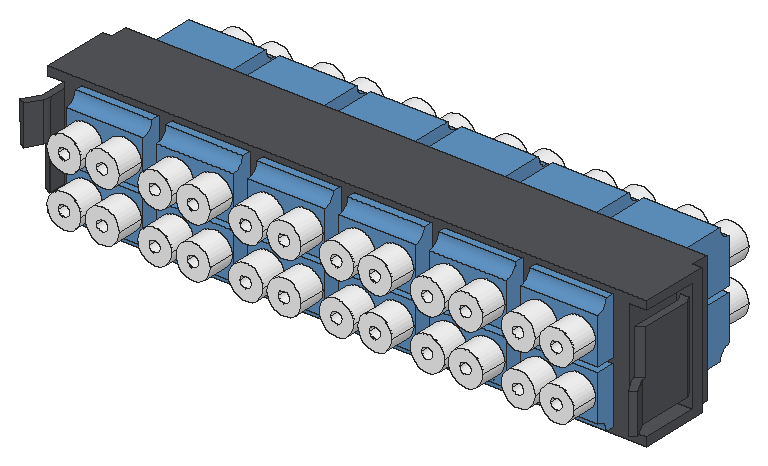
Revit family "LC Duplex 24 fibers", category Installations électriques, Revit 2020
Family settings
  Conserver l'orientation des annotations = Non
  Cote de connecteur circulaire = Utiliser le diamètre
  Type d'élément = Normal
  Basée sur le plan de construction = Non
  Toujours verticalement = Oui
  Couper avec des vides une fois chargée = Non
  Partagée = Non
  Point de calcul de pièce = Non
Parameters (values of type "LC Duplex block 24 fibers single mode")
  Width of the connectors = 13.5 mm
  Width (mm) = 108.8 mm
  Type of connector interior = "LC_DUPLEX"
  Type of connector external = "LC_DUPLEX"
  Storage temperature = "-10°C à 60°C"
  RAL Number = "9017"
  Operating temperature = "-10°C à 60°C"
  Opening width = 6 mm
  Opening height = 1 mm
  Number of connectors = 24
  Legrand part number = "032115"
  IP = "IP20"
  IK = "IK04"
  Height of the connectors = 10 mm
  Height = 23 mm
  Function = "Patch panels with optical connector Legrand"
  Fiber optic type = "Single mode"
  Elévation par défaut = 0 mm
  ETIM class = "EC001130"
  EAN = "3414970961754"
  E-catalogue link = "https://www.legrand.fr/reference/032115/pro"
  Depth = 38.4 mm
  Colour of the connectors = IDS_BLEU
  Color = IDS_NOIR
  BIM wording = "LC Duplex block 24 fibers single mode"
Types (2, lengths in mm): name | Legrand part number | Fiber optic type | EAN | E-catalogue link | Colour of the connectors | BIM wording
  LC Duplex block 24 fibers single mode | "032115" | "Single mode" | "3414970961754" | "https://www.legrand.fr/reference/032115/pro" | IDS_BLEU | "LC Duplex block 24 fibers single mode"
  LC Duplex block 24 fibers multimode | "032125" | "Multimode" | "3414970961891" | "https://www.legrand.fr/reference/032125/pro" | IDS_JAUNE | "LC Duplex block 24 fibers multimode"
Reference planes
  plane 1 "Centre (avant/arrière)": y = 0
  plane 2: z = 0
  plane 3 "Centre (gauche/droite)": x = 0
  plane 4 "Clip bas": z = 4
  plane 5 "Clip haut": z = 19
  plane 6: x = 105.5
  plane 7: x = 52.75
  plane 8: through (0.797, -2.504, 1200) normal (-0.866, 0.5, 0)
  plane 9: z = 1
  plane 10: z = 11
  plane 11: z = 12
  plane 12: z = 22
  plane 13: x = 6
  plane 14: x = 19.5
  plane 15: z = 23
  plane 16: x = 22
  plane 17: x = 35.5
  plane 18: x = 38
  plane 19: x = 51.5
  plane 20: x = 54
  plane 21: x = 67.5
  plane 22: x = 70
  plane 23: x = 83.5
  plane 24: x = 86
  plane 25: x = 99.5
  plane 26: y = -3.5
  plane 27: y = 25.5
  plane 28: z = 16
  plane 29: x = 12.75
  plane 30: x = 9.375
  plane 31: x = 16.125
  plane 32: z = 7
  plane 33: y = 11
  plane 34: z = 16
  plane 35: x = 28.75
  plane 36: x = 25.375
  plane 37: x = 32.125
  plane 38: z = 7
  plane 39: z = 16
  plane 40: x = 44.75
  plane 41: x = 41.375
  plane 42: x = 48.125
  plane 43: z = 7
  plane 44: z = 16
  plane 45: x = 60.75
  plane 46: x = 57.375
  plane 47: x = 64.125
  plane 48: z = 7
  plane 49: z = 16
  plane 50: x = 76.75
  plane 51: x = 73.375
  plane 52: x = 80.125
  plane 53: z = 7
  plane 54: z = 16
  plane 55: x = 92.75
  plane 56: x = 89.375
  plane 57: x = 96.125
  plane 58: z = 7
  plane 59: z = 16
  plane 60: x = 12.75
  plane 61: x = 9.375
  plane 62: x = 16.125
  plane 63: z = 7
  plane 64: z = 16
  plane 65: x = 28.75
  plane 66: x = 25.375
  plane 67: x = 32.125
  plane 68: z = 7
  plane 69: z = 16
  plane 70: x = 44.75
  plane 71: x = 41.375
  plane 72: x = 48.125
  plane 73: z = 7
  plane 74: z = 16
  plane 75: x = 60.75
  plane 76: x = 57.375
  plane 77: x = 64.125
  plane 78: z = 7
  plane 79: z = 16
  plane 80: x = 76.75
  plane 81: x = 73.375
  plane 82: x = 80.125
  plane 83: z = 7
  plane 84: z = 16
  plane 85: x = 92.75
  plane 86: x = 89.375
  plane 87: x = 96.125
  plane 88: z = 7
Forms (mm)
  Extrusion 1, solid, material "IDS_NOIR"
    sketch origin (0, 0, 0) x (1, 0, 0) y (0, 1, 0)
      loop
        line (0, 0) -> (105.5, 0) -> (105.5, 12) -> (103.9, 12) -> (103.9, 15) -> (1.6, 15) -> (1.6, 12) -> (0, 12) -> (0, 0)
    from 0 to 23
  Extrusion 2, void
    sketch origin (0, 0, 0) x (-1, 0, 0) y (0, 0, 1)
      loop
        line (0, 21.5) -> (-3, 21.5) -> (-3, 1.5) -> (0, 1.5) -> (0, 21.5)
      loop
        line (-105.5, 21.5) -> (-105.5, 1.5) -> (-102.5, 1.5) -> (-102.5, 21.5) -> (-105.5, 21.5)
    from 0 to 10
  Extrusion 3, solid, material "IDS_NOIR"
    sketch origin (0, 25.162, 4) x (0, 1, 0) y (-1, 0, 0)
      loop
        line (-29.912, 0.5) -> (-27.374, -0.965)
        arc (-27.374, -0.965) -> (-26.771, -1.215) -> (-26.124, -1.3) r 2.5
        line (-26.124, -1.3) -> (-16.662, -1.3) -> (-15.162, -2.166) -> (-15.162, -0.665) -> (-16.313, 0) -> (-26.446, 0) -> (-29.262, 1.626) -> (-29.912, 0.5)
      loop
        line (-29.912, -106) -> (-29.262, -107.126) -> (-26.446, -105.5) -> (-16.313, -105.5) -> (-15.162, -104.835) -> (-15.162, -103.334) -> (-16.662, -104.2) -> (-26.124, -104.2)
        arc (-26.124, -104.2) -> (-26.771, -104.285) -> (-27.374, -104.535) r 2.5
        line (-27.374, -104.535) -> (-29.912, -106)
    from 0 to 15
  Extrusion 4, void
    sketch origin (0.797, -2.504, 1200) x (0.5, 0.866025, 0) y (0, 0, 1)
      loop
        line (-2.593, -1196) -> (1.407, -1196) -> (1.407, -1188) -> (-2.593, -1188) -> (-2.593, -1196)
    from 0 to -2.615
  Extrusion 5, void
    sketch origin (104.703, -2.504, 1200) x (-0.5, 0.866025, 0) y (0, 0, -1)
      loop
        line (-2.593, 1181) -> (1.407, 1181) -> (1.407, 1189) -> (-2.593, 1189) -> (-2.593, 1181)
    from 0 to -2.615
  Extrusion 6, void
    sketch origin (2.941, 0, 0) x (-1, 0, 0) y (0, 0, 1)
      loop
        line (-3.059, 11) -> (-16.559, 11) -> (-16.559, 1) -> (-3.059, 1) -> (-3.059, 11)
      loop
        line (-19.059, 1) -> (-19.059, 11) -> (-32.559, 11) -> (-32.559, 1) -> (-19.059, 1)
      loop
        line (-35.059, 11) -> (-48.559, 11) -> (-48.559, 1) -> (-35.059, 1) -> (-35.059, 11)
      loop
        line (-51.059, 1) -> (-51.059, 11) -> (-64.559, 11) -> (-64.559, 1) -> (-51.059, 1)
      loop
        line (-67.059, 1) -> (-67.059, 11) -> (-80.559, 11) -> (-80.559, 1) -> (-67.059, 1)
      loop
        line (-83.059, 1) -> (-83.059, 11) -> (-96.559, 11) -> (-96.559, 1) -> (-83.059, 1)
    from 0 to 15
  Extrusion 7, void
    sketch origin (0, 0, 0) x (-1, 0, 0) y (0, 0, 1)
      loop
        line (-6, 12) -> (-6, 22) -> (-19.5, 22) -> (-19.5, 12) -> (-6, 12)
      loop
        line (-22, 12) -> (-22, 22) -> (-35.5, 22) -> (-35.5, 12) -> (-22, 12)
      loop
        line (-38, 22) -> (-51.5, 22) -> (-51.5, 12) -> (-38, 12) -> (-38, 22)
      loop
        line (-54, 12) -> (-54, 22) -> (-67.5, 22) -> (-67.5, 12) -> (-54, 12)
      loop
        line (-70, 12) -> (-70, 22) -> (-83.5, 22) -> (-83.5, 12) -> (-70, 12)
      loop
        line (-86, 12) -> (-86, 22) -> (-99.5, 22) -> (-99.5, 12) -> (-86, 12)
    from 0 to 15
  Extrusion 8, solid, material "IDS_BLEU" <- "Colour of the connectors"
    sketch origin (3.167, -3.5, 1200) x (-1, 0, 0) y (0, 0, 1)
      loop
        line (-16.333, -1199) -> (-2.833, -1199) -> (-2.833, -1189) -> (-16.333, -1189) -> (-16.333, -1199)
      loop
        line (-16.333, -1188) -> (-2.833, -1188) -> (-2.833, -1178) -> (-16.333, -1178) -> (-16.333, -1188)
      loop
        line (-18.833, -1188) -> (-18.833, -1178) -> (-32.333, -1178) -> (-32.333, -1188) -> (-18.833, -1188)
      loop
        line (-18.833, -1189) -> (-32.333, -1189) -> (-32.333, -1199) -> (-18.833, -1199) -> (-18.833, -1189)
      loop
        line (-34.833, -1199) -> (-34.833, -1189) -> (-48.333, -1189) -> (-48.333, -1199) -> (-34.833, -1199)
      loop
        line (-48.333, -1188) -> (-34.833, -1188) -> (-34.833, -1178) -> (-48.333, -1178) -> (-48.333, -1188)
      loop
        line (-50.833, -1188) -> (-50.833, -1178) -> (-64.333, -1178) -> (-64.333, -1188) -> (-50.833, -1188)
      loop
        line (-50.833, -1189) -> (-64.333, -1189) -> (-64.333, -1199) -> (-50.833, -1199) -> (-50.833, -1189)
      loop
        line (-66.833, -1199) -> (-66.833, -1189) -> (-80.333, -1189) -> (-80.333, -1199) -> (-66.833, -1199)
      loop
        line (-80.333, -1188) -> (-66.833, -1188) -> (-66.833, -1178) -> (-80.333, -1178) -> (-80.333, -1188)
      loop
        line (-82.833, -1188) -> (-82.833, -1178) -> (-96.333, -1178) -> (-96.333, -1188) -> (-82.833, -1188)
      loop
        line (-82.833, -1189) -> (-96.333, -1189) -> (-96.333, -1199) -> (-82.833, -1199) -> (-82.833, -1189)
    from 0 to 29
  Extrusion 9, void
    sketch origin (6, -1524, 1.878) x (0, 0, 1) y (0, -1, 0)
      loop
        line (-0.878, -1520.5) -> (-0.878, -1522.5)
        arc (-0.878, -1522.5) -> (0.536, -1521.914) -> (1.122, -1520.5) r 2
        line (1.122, -1520.5) -> (-0.878, -1520.5)
      loop
        line (20.122, -1522.5) -> (20.122, -1520.5) -> (18.122, -1520.5)
        arc (18.122, -1520.5) -> (18.707, -1521.914) -> (20.122, -1522.5) r 2
      loop
        line (18.122, -1549.5) -> (20.122, -1549.5) -> (20.122, -1547.5)
        arc (20.122, -1547.5) -> (18.707, -1548.086) -> (18.122, -1549.5) r 2
      loop
        line (-0.878, -1549.5) -> (1.122, -1549.5)
        arc (1.122, -1549.5) -> (0.536, -1548.086) -> (-0.878, -1547.5) r 2
        line (-0.878, -1547.5) -> (-0.878, -1549.5)
    from 0 to 93.5
  Extrusion 10, solid, material "IDS_BLANC"
    sketch origin (3.167, -3.5, 1200) x (-1, 0, 0) y (0, 0, 1)
      loop
        circle (-6.208, -1184) r 3
      loop
        circle (-6.208, -1184) r 1
      loop
        circle (-12.958, -1184) r 3
      loop
        circle (-12.958, -1184) r 1
      loop
        circle (-6.208, -1193) r 3
      loop
        circle (-6.208, -1193) r 1
      loop
        circle (-12.958, -1193) r 3
      loop
        circle (-12.958, -1193) r 1
    from 0 to -4.7
  Extrusion 11, solid, material "IDS_BLANC"
    sketch origin (19.167, -3.5, 1200) x (-1, 0, 0) y (0, 0, 1)
      loop
        circle (-6.208, -1184) r 3
      loop
        circle (-6.208, -1184) r 1
      loop
        circle (-12.958, -1184) r 3
      loop
        circle (-12.958, -1184) r 1
      loop
        circle (-6.208, -1193) r 3
      loop
        circle (-6.208, -1193) r 1
      loop
        circle (-12.958, -1193) r 3
      loop
        circle (-12.958, -1193) r 1
    from 0 to -4.7
  Extrusion 12, solid, material "IDS_BLANC"
    sketch origin (35.167, -3.5, 1200) x (-1, 0, 0) y (0, 0, 1)
      loop
        circle (-6.208, -1184) r 3
      loop
        circle (-6.208, -1184) r 1
      loop
        circle (-12.958, -1184) r 3
      loop
        circle (-12.958, -1184) r 1
      loop
        circle (-6.208, -1193) r 3
      loop
        circle (-6.208, -1193) r 1
      loop
        circle (-12.958, -1193) r 3
      loop
        circle (-12.958, -1193) r 1
    from 0 to -4.7
  Extrusion 13, solid, material "IDS_BLANC"
    sketch origin (51.167, -3.5, 1200) x (-1, 0, 0) y (0, 0, 1)
      loop
        circle (-6.208, -1184) r 3
      loop
        circle (-6.208, -1184) r 1
      loop
        circle (-12.958, -1184) r 3
      loop
        circle (-12.958, -1184) r 1
      loop
        circle (-6.208, -1193) r 3
      loop
        circle (-6.208, -1193) r 1
      loop
        circle (-12.958, -1193) r 3
      loop
        circle (-12.958, -1193) r 1
    from 0 to -4.7
  Extrusion 14, solid, material "IDS_BLANC"
    sketch origin (67.167, -3.5, 1200) x (-1, 0, 0) y (0, 0, 1)
      loop
        circle (-6.208, -1184) r 3
      loop
        circle (-6.208, -1184) r 1
      loop
        circle (-12.958, -1184) r 3
      loop
        circle (-12.958, -1184) r 1
      loop
        circle (-6.208, -1193) r 3
      loop
        circle (-6.208, -1193) r 1
      loop
        circle (-12.958, -1193) r 3
      loop
        circle (-12.958, -1193) r 1
    from 0 to -4.7
  Extrusion 15, solid, material "IDS_BLANC"
    sketch origin (83.167, -3.5, 1200) x (-1, 0, 0) y (0, 0, 1)
      loop
        circle (-6.208, -1184) r 3
      loop
        circle (-6.208, -1184) r 1
      loop
        circle (-12.958, -1184) r 3
      loop
        circle (-12.958, -1184) r 1
      loop
        circle (-6.208, -1193) r 3
      loop
        circle (-6.208, -1193) r 1
      loop
        circle (-12.958, -1193) r 3
      loop
        circle (-12.958, -1193) r 1
    from 0 to -4.7
  Extrusion 16, solid, material "IDS_BLANC"
    sketch origin (3.167, 25.5, 1200) x (-1, 0, 0) y (0, 0, -1)
      loop
        circle (-6.208, 1184) r 3
      loop
        circle (-6.208, 1184) r 1
      loop
        circle (-12.958, 1184) r 3
      loop
        circle (-12.958, 1184) r 1
      loop
        circle (-6.208, 1193) r 3
      loop
        circle (-6.208, 1193) r 1
      loop
        circle (-12.958, 1193) r 3
      loop
        circle (-12.958, 1193) r 1
    from 0 to -4.7
  Extrusion 17, solid, material "IDS_BLANC"
    sketch origin (19.167, 25.5, 1200) x (-1, 0, 0) y (0, 0, -1)
      loop
        circle (-6.208, 1184) r 3
      loop
        circle (-6.208, 1184) r 1
      loop
        circle (-12.958, 1184) r 3
      loop
        circle (-12.958, 1184) r 1
      loop
        circle (-6.208, 1193) r 3
      loop
        circle (-6.208, 1193) r 1
      loop
        circle (-12.958, 1193) r 3
      loop
        circle (-12.958, 1193) r 1
    from 0 to -4.7
  Extrusion 18, solid, material "IDS_BLANC"
    sketch origin (35.167, 25.5, 1200) x (-1, 0, 0) y (0, 0, -1)
      loop
        circle (-6.208, 1184) r 3
      loop
        circle (-6.208, 1184) r 1
      loop
        circle (-12.958, 1184) r 3
      loop
        circle (-12.958, 1184) r 1
      loop
        circle (-6.208, 1193) r 3
      loop
        circle (-6.208, 1193) r 1
      loop
        circle (-12.958, 1193) r 3
      loop
        circle (-12.958, 1193) r 1
    from 0 to -4.7
  Extrusion 19, solid, material "IDS_BLANC"
    sketch origin (51.167, 25.5, 1200) x (-1, 0, 0) y (0, 0, -1)
      loop
        circle (-6.208, 1184) r 3
      loop
        circle (-6.208, 1184) r 1
      loop
        circle (-12.958, 1184) r 3
      loop
        circle (-12.958, 1184) r 1
      loop
        circle (-6.208, 1193) r 3
      loop
        circle (-6.208, 1193) r 1
      loop
        circle (-12.958, 1193) r 3
      loop
        circle (-12.958, 1193) r 1
    from 0 to -4.7
  Extrusion 20, solid, material "IDS_BLANC"
    sketch origin (67.167, 25.5, 1200) x (-1, 0, 0) y (0, 0, -1)
      loop
        circle (-6.208, 1184) r 3
      loop
        circle (-6.208, 1184) r 1
      loop
        circle (-12.958, 1184) r 3
      loop
        circle (-12.958, 1184) r 1
      loop
        circle (-6.208, 1193) r 3
      loop
        circle (-6.208, 1193) r 1
      loop
        circle (-12.958, 1193) r 3
      loop
        circle (-12.958, 1193) r 1
    from 0 to -4.7
  Extrusion 21, solid, material "IDS_BLANC"
    sketch origin (83.167, 25.5, 1200) x (-1, 0, 0) y (0, 0, -1)
      loop
        circle (-6.208, 1184) r 3
      loop
        circle (-6.208, 1184) r 1
      loop
        circle (-12.958, 1184) r 3
      loop
        circle (-12.958, 1184) r 1
      loop
        circle (-6.208, 1193) r 3
      loop
        circle (-6.208, 1193) r 1
      loop
        circle (-12.958, 1193) r 3
      loop
        circle (-12.958, 1193) r 1
    from 0 to -4.7
Cuts and joins
  Extrusion 2, Extrusion 6, Extrusion 7 cuts Extrusion 1
  Extrusion 4, Extrusion 5 cuts Extrusion 3
  Extrusion 9 cuts Extrusion 8
Dimensions and locks
  locked: plane 1 "Centre (avant/arrière)" to Extrusion 1 sketch curve at 15
  locked: Extrusion 1 sketch curve to Extrusion 1 sketch curve at 105.5
  locked: Extrusion 1 sketch curve to Extrusion 1 sketch curve at 1.6  (x2)
  locked: Extrusion 1 sketch curve to Extrusion 1 sketch curve at 12
  locked: Extrusion 2 sketch curve to level at 1.5
  locked: Extrusion 1 to Extrusion 2 sketch curve at 1.5
  locked: Extrusion 2 sketch curve to plane 3 "Centre (gauche/droite)" at 3
  locked: Extrusion 2 sketch curve to Extrusion 1 at 3
  plane 4 "Clip bas" to level = 4 mm
  cut or joined group of Extrusion 1, Extrusion 2, Extrusion 6, Extrusion 7 to plane 5 "Clip haut" = 4 mm
  locked: Extrusion 3 sketch curve to plane 3 "Centre (gauche/droite)" at 0.5
  locked: Extrusion 3 sketch curve to plane 1 "Centre (avant/arrière)" at 4.75
  locked: plane 3 "Centre (gauche/droite)" to Extrusion 3 sketch curve at 1.3
  plane 1 "Centre (avant/arrière)" to Extrusion 3 sketch curve = 8.5 mm
  equal spacing: plane 3 "Centre (gauche/droite)", plane 7, plane 6, locked at 52.75 each
  locked: Extrusion 3 to Extrusion 4 sketch curve at 4
  locked: Extrusion 3 to Extrusion 4 sketch curve at 8
  cut or joined group of Extrusion 3, Extrusion 4, Extrusion 5 to Extrusion 5 sketch curve = 8 mm
  Extrusion 5 sketch curve to cut or joined group of Extrusion 3, Extrusion 4, Extrusion 5 = 4 mm
  "Opening height": plane 9 to level
  "Height of the connectors": plane 10 to plane 9
  "Height of the connectors": plane 12 to plane 11
  "Opening width": plane 13 to plane 3 "Centre (gauche/droite)"
  "Width of the connectors": plane 13 to plane 14
  locked: plane 15 to level at 23
  "Opening height": plane 15 to plane 12
  "Width of the connectors": plane 16 to plane 17
  locked: plane 14 to plane 16 at 2.5
  locked: plane 17 to plane 18 at 2.5
  "Width of the connectors": plane 18 to plane 19
  "Opening width": plane 6 to plane 25
  "Width of the connectors": plane 24 to plane 25
  locked: plane 24 to plane 23 at 2.5
  "Width of the connectors": plane 23 to plane 22
  plane 21 to plane 22 = 2.5 mm
  "Width of the connectors": plane 21 to plane 20
  locked: plane 26 to cut or joined group of Extrusion 1, Extrusion 2, Extrusion 6, Extrusion 7 at 3.5
  locked: plane 27 to cut or joined group of Extrusion 1, Extrusion 2, Extrusion 6, Extrusion 7 at 10.5
  equal spacing: cut or joined group of Extrusion 8, Extrusion 9, plane 28, cut or joined group of Extrusion 8, Extrusion 9
  equal spacing: cut or joined group of Extrusion 8, Extrusion 9, plane 29, cut or joined group of Extrusion 8, Extrusion 9
  equal spacing: cut or joined group of Extrusion 8, Extrusion 9, plane 30, plane 29
  equal spacing: cut or joined group of Extrusion 8, Extrusion 9, plane 31, plane 29
  equal spacing: cut or joined group of Extrusion 8, Extrusion 9, plane 32, cut or joined group of Extrusion 8, Extrusion 9
  equal spacing: plane 27, plane 33, plane 26
  plane 36 to plane 35 = 3.375 mm
  plane 37 to plane 35 = 3.375 mm
  plane 41 to plane 40 = 3.375 mm
  plane 42 to plane 40 = 3.375 mm
  plane 46 to plane 45 = 3.375 mm
  plane 47 to plane 45 = 3.375 mm
  plane 51 to plane 50 = 3.375 mm
  plane 52 to plane 50 = 3.375 mm
  plane 56 to plane 55 = 3.375 mm
  plane 57 to plane 55 = 3.375 mm
  plane 61 to plane 60 = 3.375 mm
  plane 62 to plane 60 = 3.375 mm
  plane 66 to plane 65 = 3.375 mm
  plane 67 to plane 65 = 3.375 mm
  plane 71 to plane 70 = 3.375 mm
  plane 72 to plane 70 = 3.375 mm
  plane 76 to plane 75 = 3.375 mm
  plane 77 to plane 75 = 3.375 mm
  plane 81 to plane 80 = 3.375 mm
  plane 82 to plane 80 = 3.375 mm
  plane 86 to plane 85 = 3.375 mm
  plane 87 to plane 85 = 3.375 mm
  radius of Extrusion 9 sketch curve = 2 mm  (x4)
  locked: cut or joined group of Extrusion 1, Extrusion 2, Extrusion 6, Extrusion 7 to Extrusion 3 sketch curve (angle 60.00°)
  aligned and locked: level to plane 2
  aligned and locked: plane 5 "Clip haut" to Extrusion 3
  aligned and locked: Extrusion 3 to plane 4 "Clip bas"
  aligned and locked: plane 6 to cut or joined group of Extrusion 1, Extrusion 2, Extrusion 6, Extrusion 7
  aligned and locked: Extrusion 4 sketch curve to Extrusion 3
  aligned and locked: Extrusion 3 to Extrusion 4 sketch curve
  aligned and locked: plane 8 to Extrusion 3
  aligned and locked: Extrusion 5 sketch curve to cut or joined group of Extrusion 3, Extrusion 4, Extrusion 5
  aligned and locked: plane 15 to cut or joined group of Extrusion 1, Extrusion 2, Extrusion 6, Extrusion 7
  aligned and locked: Extrusion 6 to plane 9
  aligned and locked: plane 10 to Extrusion 6
  aligned and locked: plane 13 to Extrusion 6
  aligned and locked: Extrusion 6 to plane 14
  aligned and locked: plane 9 to Extrusion 6 sketch curve  (x4)
  aligned and locked: Extrusion 6 sketch curve to plane 16
  aligned and locked: Extrusion 6 sketch curve to plane 10  (x4)
  aligned and locked: Extrusion 6 sketch curve to plane 17
  aligned and locked: plane 10 to Extrusion 6 sketch curve
  aligned and locked: plane 18 to Extrusion 6 sketch curve
  aligned and locked: Extrusion 6 sketch curve to plane 9
  aligned and locked: plane 19 to Extrusion 6 sketch curve
  aligned and locked: Extrusion 6 sketch curve to plane 20
  aligned and locked: Extrusion 6 sketch curve to plane 21
  aligned and locked: Extrusion 6 sketch curve to plane 22
  aligned and locked: Extrusion 6 sketch curve to plane 23
  aligned and locked: Extrusion 6 sketch curve to plane 24
  aligned and locked: Extrusion 6 sketch curve to plane 25
  aligned and locked: plane 11 to Extrusion 7 sketch curve  (x5)
  aligned and locked: Extrusion 7 sketch curve to plane 12  (x5)
  aligned and locked: plane 14 to Extrusion 7 sketch curve
  aligned and locked: Extrusion 7 sketch curve to plane 13
  aligned and locked: Extrusion 7 sketch curve to plane 16
  aligned and locked: plane 17 to Extrusion 7 sketch curve
  aligned and locked: plane 12 to Extrusion 7 sketch curve
  aligned and locked: plane 18 to Extrusion 7 sketch curve
  aligned and locked: Extrusion 7 sketch curve to plane 11
  aligned and locked: plane 19 to Extrusion 7 sketch curve
  aligned and locked: Extrusion 7 sketch curve to plane 20
  aligned and locked: Extrusion 7 sketch curve to plane 21
  aligned and locked: Extrusion 7 sketch curve to plane 22
  aligned and locked: Extrusion 7 sketch curve to plane 23
  aligned and locked: Extrusion 7 sketch curve to plane 24
  aligned and locked: Extrusion 7 sketch curve to plane 25
  aligned and locked: Extrusion 1 to Extrusion 7
  aligned and locked: Extrusion 1 to Extrusion 6
  aligned and locked: Extrusion 2 sketch curve to Extrusion 2 sketch curve  (x2)
  aligned and locked: Extrusion 8 sketch curve to cut or joined group of Extrusion 1, Extrusion 2, Extrusion 6, Extrusion 7  (x48)
  aligned and locked: plane 27 to Extrusion 8
  aligned and locked: Extrusion 8 to Extrusion 9 sketch curve  (x3)
  aligned and locked: Extrusion 9 sketch curve to Extrusion 8  (x2)
  aligned and locked: Extrusion 9 to cut or joined group of Extrusion 1, Extrusion 2, Extrusion 6, Extrusion 7
Automatic sketch dimensions
  plane 1 "Centre (avant/arrière)" to Extrusion 1 sketch curve = 0 mm
  Extrusion 1 sketch curve to plane 3 "Centre (gauche/droite)" = 0 mm
  plane 33 to Extrusion 1 sketch curve = 1 mm
  plane 6 to Extrusion 2 sketch curve = 0 mm
  Extrusion 2 sketch curve to plane 3 "Centre (gauche/droite)" = 0 mm
  Extrusion 3 sketch curve to plane 6 = 0 mm
  Extrusion 3 sketch curve to plane 3 "Centre (gauche/droite)" = 0 mm
  Extrusion 3 sketch curve to plane 26 = 1.25 mm
  Extrusion 3 sketch curve to plane 26 = 0.6 mm  (x2)
  plane 3 "Centre (gauche/droite)" to Extrusion 3 sketch curve = 0.965 mm
  plane 26 to Extrusion 3 sketch curve = 1.288 mm
  plane 1 "Centre (avant/arrière)" to Extrusion 3 sketch curve = 1.284 mm
  plane 1 "Centre (avant/arrière)" to Extrusion 3 sketch curve = 0.962 mm  (x2)
  Extrusion 3 sketch curve to plane 33 = 2.5 mm
  Extrusion 3 sketch curve to Extrusion 3 sketch curve = 0.348 mm  (x2)
  Extrusion 3 sketch curve to plane 33 = 1 mm  (x2)
  Extrusion 3 sketch curve to plane 6 = 0.5 mm
  Extrusion 3 sketch curve to plane 6 = 1.2 mm
  plane 6 to Extrusion 3 sketch curve = 0.665 mm
  Extrusion 3 sketch curve to Extrusion 3 sketch curve = 1.501 mm
  Extrusion 3 sketch curve to Extrusion 3 sketch curve = 0.866 mm
  plane 3 "Centre (gauche/droite)" to Extrusion 3 sketch curve = 0.665 mm
  Extrusion 5 sketch curve to Extrusion 5 sketch curve = 4 mm
  Extrusion 6 sketch curve to plane 10 = 0 mm
  plane 14 to Extrusion 6 sketch curve = 0 mm
  Extrusion 6 sketch curve to plane 9 = 0 mm
  Extrusion 6 sketch curve to plane 13 = 0 mm
  Extrusion 9 sketch curve to plane 9 = 0 mm
  Extrusion 9 sketch curve to plane 27 = 0 mm
  Extrusion 9 sketch curve to plane 26 = 0 mm
  Extrusion 10 sketch curve to Extrusion 10 sketch curve = 0 mm  (x8)
  plane 31 to Extrusion 10 sketch curve = 0 mm  (x2)
  Extrusion 10 sketch curve to plane 28 = 0 mm  (x2)
  Extrusion 10 sketch curve to plane 30 = 0 mm  (x2)
  Extrusion 10 sketch curve to plane 32 = 0 mm  (x2)
  Extrusion 11 sketch curve to Extrusion 11 sketch curve = 0 mm  (x8)
  plane 37 to Extrusion 11 sketch curve = 0 mm  (x2)
  Extrusion 11 sketch curve to plane 34 = 0 mm  (x2)
  Extrusion 11 sketch curve to plane 36 = 0 mm  (x2)
  Extrusion 11 sketch curve to plane 38 = 0 mm  (x2)
  Extrusion 12 sketch curve to Extrusion 12 sketch curve = 0 mm  (x8)
  plane 42 to Extrusion 12 sketch curve = 0 mm  (x2)
  Extrusion 12 sketch curve to plane 39 = 0 mm  (x2)
  Extrusion 12 sketch curve to plane 41 = 0 mm  (x2)
  Extrusion 12 sketch curve to plane 43 = 0 mm  (x2)
  Extrusion 13 sketch curve to Extrusion 13 sketch curve = 0 mm  (x8)
  plane 47 to Extrusion 13 sketch curve = 0 mm  (x2)
  Extrusion 13 sketch curve to plane 44 = 0 mm  (x2)
  Extrusion 13 sketch curve to plane 46 = 0 mm  (x2)
  Extrusion 13 sketch curve to plane 48 = 0 mm  (x2)
  Extrusion 14 sketch curve to Extrusion 14 sketch curve = 0 mm  (x8)
  plane 52 to Extrusion 14 sketch curve = 0 mm  (x2)
  Extrusion 14 sketch curve to plane 49 = 0 mm  (x2)
  Extrusion 14 sketch curve to plane 51 = 0 mm  (x2)
  Extrusion 14 sketch curve to plane 53 = 0 mm  (x2)
  Extrusion 15 sketch curve to Extrusion 15 sketch curve = 0 mm  (x8)
  plane 57 to Extrusion 15 sketch curve = 0 mm  (x2)
  Extrusion 15 sketch curve to plane 54 = 0 mm  (x2)
  Extrusion 15 sketch curve to plane 56 = 0 mm  (x2)
  Extrusion 15 sketch curve to plane 58 = 0 mm  (x2)
  Extrusion 16 sketch curve to Extrusion 16 sketch curve = 0 mm  (x8)
  plane 62 to Extrusion 16 sketch curve = 0 mm  (x2)
  Extrusion 16 sketch curve to plane 59 = 0 mm  (x2)
  Extrusion 16 sketch curve to plane 61 = 0 mm  (x2)
  Extrusion 16 sketch curve to plane 63 = 0 mm  (x2)
  Extrusion 17 sketch curve to Extrusion 17 sketch curve = 0 mm  (x8)
  plane 67 to Extrusion 17 sketch curve = 0 mm  (x2)
  Extrusion 17 sketch curve to plane 64 = 0 mm  (x2)
  Extrusion 17 sketch curve to plane 66 = 0 mm  (x2)
  Extrusion 17 sketch curve to plane 68 = 0 mm  (x2)
  Extrusion 18 sketch curve to Extrusion 18 sketch curve = 0 mm  (x8)
  plane 72 to Extrusion 18 sketch curve = 0 mm  (x2)
  Extrusion 18 sketch curve to plane 69 = 0 mm  (x2)
  Extrusion 18 sketch curve to plane 71 = 0 mm  (x2)
  Extrusion 18 sketch curve to plane 73 = 0 mm  (x2)
  Extrusion 19 sketch curve to Extrusion 19 sketch curve = 0 mm  (x8)
  plane 77 to Extrusion 19 sketch curve = 0 mm  (x2)
  Extrusion 19 sketch curve to plane 74 = 0 mm  (x2)
  Extrusion 19 sketch curve to plane 76 = 0 mm  (x2)
  Extrusion 19 sketch curve to plane 78 = 0 mm  (x2)
  Extrusion 20 sketch curve to Extrusion 20 sketch curve = 0 mm  (x8)
  plane 82 to Extrusion 20 sketch curve = 0 mm  (x2)
  Extrusion 20 sketch curve to plane 79 = 0 mm  (x2)
  Extrusion 20 sketch curve to plane 81 = 0 mm  (x2)
  Extrusion 20 sketch curve to plane 83 = 0 mm  (x2)
  Extrusion 21 sketch curve to Extrusion 21 sketch curve = 0 mm  (x8)
  plane 87 to Extrusion 21 sketch curve = 0 mm  (x2)
  Extrusion 21 sketch curve to plane 84 = 0 mm  (x2)
  Extrusion 21 sketch curve to plane 86 = 0 mm  (x2)
  Extrusion 21 sketch curve to plane 88 = 0 mm  (x2)
  radius of Extrusion 10 sketch curve = 3 mm  (x4)
  radius of Extrusion 10 sketch curve = 1 mm  (x4)
  radius of Extrusion 11 sketch curve = 3 mm  (x4)
  radius of Extrusion 11 sketch curve = 1 mm  (x4)
  radius of Extrusion 12 sketch curve = 3 mm  (x4)
  radius of Extrusion 12 sketch curve = 1 mm  (x4)
  radius of Extrusion 13 sketch curve = 3 mm  (x4)
  radius of Extrusion 13 sketch curve = 1 mm  (x4)
  radius of Extrusion 14 sketch curve = 3 mm  (x4)
  radius of Extrusion 14 sketch curve = 1 mm  (x4)
  radius of Extrusion 15 sketch curve = 3 mm  (x4)
  radius of Extrusion 15 sketch curve = 1 mm  (x4)
  radius of Extrusion 16 sketch curve = 3 mm  (x4)
  radius of Extrusion 16 sketch curve = 1 mm  (x4)
  radius of Extrusion 17 sketch curve = 3 mm  (x4)
  radius of Extrusion 17 sketch curve = 1 mm  (x4)
  radius of Extrusion 18 sketch curve = 3 mm  (x4)
  radius of Extrusion 18 sketch curve = 1 mm  (x4)
  radius of Extrusion 19 sketch curve = 3 mm  (x4)
  radius of Extrusion 19 sketch curve = 1 mm  (x4)
  radius of Extrusion 20 sketch curve = 3 mm  (x4)
  radius of Extrusion 20 sketch curve = 1 mm  (x4)
  radius of Extrusion 21 sketch curve = 3 mm  (x4)
  radius of Extrusion 21 sketch curve = 1 mm  (x4)
